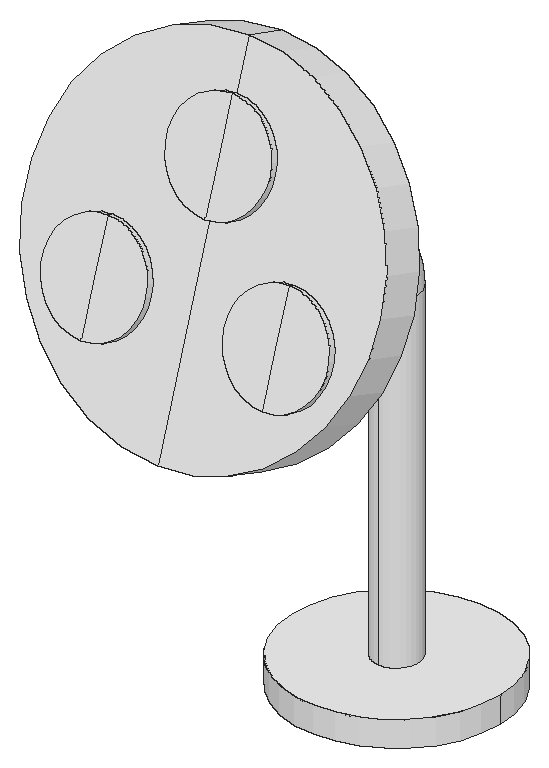
Revit family "Showerhead_Contemporary_Trilogy_TS100AL_TOTO", category Plumbing Fixtures, host Face, Revit 2013
Parameters (values of type "TS100A")
  ecoScorecard_data = " "
  ecoScorecard Product Page = "  "
  Width = 6 13/16"  # constant formula
  Waste Connection = no
  Warranty URL = "http://www.totousa.com/warranty-registration"
  Warranty = "Lifetime Limited Warranty (Residential Use); One Year Limited (Commercial Use)"  # constant formula
  WFU = 0
  Vent Connection = no
  URL = "http://www.totousa.com"
  Toto BIM Number = "BM-00108"  # constant formula
  Tempered Water Connection Diamater = Tempered Water Connection NPT * 2  # 1"
  Tempered Water Connection NPT = 1/2"
  Subcategory = "Showers"  # constant formula
  Style = "Contemporary"  # constant formula
  Spec Sheet URL = "http://assets.totousa.com/product-files/SS-00441_TS100AL.pdf"
  Shipping Weight = 8.00 lbf
  Series = "Trilogy"  # constant formula
  Product Page URL = " "
  Parts Manual URL = " "
  Owners Manual URL = "  "
  Model = "TS100AL"  # constant formula
  Manufacturer Toll Free Phone = "1-888-295-8134"  # constant formula
  Manufacturer Phone = "(770) 282-8686"  # constant formula
  Manufacturer Fax = "(770) 282-0002"  # constant formula
  Manufacturer Email = "mailto:custservice@totousa.com"
  Manufacturer Address = "1155 Southern Road, Morrow, Georgia 30260"  # constant formula
  Manufacturer = "TOTO USA, Inc."  # constant formula
  Installation URL = " "
  Hot Water Connector = "Hot Water Connection"  # constant formula
  Hot Water Connection Radius = 1/2"  # constant formula
  Hot Water Connection Diameter = Hot Water Connection Radius * 2  # 1"
  Height = 7 3/4"  # constant formula
  HWFU = 0
  HW Connection = yes
  Flow Rate = 1.750 GPM
  Finish = Metal - TOTO - Chrome - Polished
  Description = "Head Shower with Swivel Head and Rubber Nozzels"  # constant formula
  Depth = 12 3/4"  # constant formula
  Default Elevation = 0"
  Cost Info = "mailto:custservice@totousa.com"
  Color Availability = "#CP Polished Chrome"  # constant formula
  Cold Water Connector = "Cold Water Connection"  # constant formula
  Cold Water Connection Radius = 1/2"  # constant formula
  Cold Water Connection Diameter = Cold Water Connection Radius * 2  # 1"
  CWFU = 0
  CW Connection = yes
  CAD Drawing URL = "http://assets.totousa.com/product-files/AD-00054_TS100A_AL.dxf"
  Assembly Code = "D2010710"
  95 CSI = "15416"  # constant formula
  04 CSI = "22 41 39"  # constant formula
Reference planes (in)
  plane 1 "Center (Front/Back)": y = 0
  plane 2: z = 0
  plane 3 "Center (Left/Right)": x = 0
  plane 4: x = 3.40625
  plane 5: x = -3.40625
  plane 6: y = 3.875
  plane 7: y = -3.875
  plane 8: z = 0.3937
  plane 9: y = 1.03937
  plane 10: z = 0.27559
  plane 11: x = 2.14961
  plane 12: x = -2.14961
  plane 13: z = -0.125
  plane 14: z = 12.75
Dimensions and locks (in)
  equal spacing: plane 5, plane 3 "Center (Left/Right)", plane 4
  equal spacing: plane 7, plane 1 "Center (Front/Back)", plane 6
  "Height": plane 7 to plane 6
  "Width": plane 5 to plane 4
  locked: plane 8 to plane 2 at 0.3937
  locked: plane 1 "Center (Front/Back)" to plane 9 at 1.03937
  locked: plane 8 to plane 10 at 0.11811
  plane 12 to plane 3 "Center (Left/Right)" to plane 11 = 2.14961" locked, 2.14961" locked
  locked: plane 2 to plane 13 at 0.125
  "Depth": plane 14 to plane 2
  aligned and locked: plane 2 to host face
  aligned and locked: level to host face
  aligned and locked: plane 3 "Center (Left/Right)" to nested 1
  aligned and locked: nested 1 to plane 6
Automatic sketch dimensions
  host sketch curve to host sketch curve = 34.49954"
  host sketch curve to host sketch curve = 34.74002"
Nested families (in)
  nested 1: "TS100A" at (0, 1.87303, 0), type "TS100A"
Connectors (in)
  piping at (0, 2.87303, -0.25), driven by "Cold Water Connection Radius", driven by "CWFU", driven by "CW Connection", driven by "CW Connection", driven by "Cold Water Connector"
    settings: on nested 1, index 1, connector radius 1/2", flow factor 0, pipe flow 0.000 GPM, pressure drop 0.00 psi, fitting loss kfactor 0, connector angle 0.00°, fixture units 0, engagement length 0", flow configuration 3, flow direction 1, fitting loss method 0, system type 20, joint type 0, gender type 0, connector reference index -1, connector utility 1, adjustable connector yes, is connector primary yes, fitting loss table "", connector description "Cold Water Connection"
  piping at (0, 0.87303, -0.25), driven by "HW Connection", driven by "HW Connection", driven by "HWFU", driven by "Hot Water Connector", driven by "Hot Water Connection Radius"
    settings: on nested 1, index 2, connector radius 1/2", flow factor 0, pipe flow 0.000 GPM, pressure drop 0.00 psi, fitting loss kfactor 0, connector angle 0.00°, fixture units 0, engagement length 0", flow configuration 3, flow direction 1, fitting loss method 0, system type 19, joint type 0, gender type 0, connector reference index -1, connector utility 1, adjustable connector yes, is connector primary no, fitting loss table "", connector description "Hot Water Connection"
Definition of nested family "TS100A"
  Parameters (values of type "TS100A")
    Waste Connection = no
    WFU = 0
    Vent Connection = yes
    URL = ""
    Showerhead Material = Metal - TOTO - Chrome - Polished
    Nominal Width = 6 13/16"
    Nominal Length = 12 3/4"
    Nominal Height = 7 3/4"
    Model = ""
    Manufacturer = ""
    HWFU = 0
    HW Connection = yes
    Description = ""
    Default Elevation = 0"
    CWFU = 0
    CW Connection = yes
    Assembly Code = ""
  Reference planes (in)
    plane 1 "Center (Front/Back)": y = 0
    plane 2: z = 0
    plane 3 "Center (Left/Right)": x = 0
    plane 4: y = -4.25
    plane 5: z = 9.375
    plane 6: z = 7.5
    plane 7: z = 12.75
    plane 8: y = -5.74803
    plane 9: y = 0.42775
    plane 10: x = -3.40625
    plane 11: x = 3.40625
    plane 12: y = 2.00197
  Forms (in)
    Extrusion 1, solid
      sketch origin (0, 0, 0) x (1, 0, 0) y (0, 1, 0)
        loop
          line (-48, 48) -> (-48, -48) -> (48, -48) -> (48, 48) -> (-48, 48)
      from 0 to -12
    Extrusion 2, solid, material "Metal - TOTO - Chrome - Polished" <- "Showerhead Material"
      sketch origin (0, 0, 0) x (1, 0, 0) y (0, 1, 0)
        loop
          circle (0, 0) r 2
      from 0 to 0.5
    Sweep 3, solid, material "Metal - TOTO - Chrome - Polished" <- "Showerhead Material", detail levels fine
      path origin (0, 0, 0) x (0, 1, 0) y (0, 0, 1)
        loop
          line (0, 0.5) -> (0, 6.85567)
          arc (0, 6.85567) -> (-0.28052, 7.72909) -> (-1.01715, 8.27583) r 1.5
          line (-1.01715, 8.27583) -> (-1.9699, 8.59977)
      profile origin (0, 0, 3.67784) x (0, -1, 0) y (1, 0, 0)
        loop
          circle (0, 0) r 0.42
    Extrusion 4, solid, material "Metal - TOTO - Chrome - Polished" <- "Showerhead Material"
      sketch origin (0, 0, 0) x (1, 0, 0) y (0, 1, 0)
        loop
          circle (0, 1) r 0.5
        loop
          circle (0, -1) r 0.5
      from 0 to -0.25
    Revolve 5, solid, material "Metal - TOTO - Chrome - Polished" <- "Showerhead Material"
      sketch origin (0, 0, 0.01677) x (0, 1, 0) y (0, 0, 1)
        loop
          line (-3.55185, 12.73323) -> (-4.65279, 9.49518) -> (-3.86874, 9.22861) -> (-2.76781, 12.46666) -> (-3.55185, 12.73323)
        axis (-4.65279, 9.49518) -> (-3.86874, 9.22861)
      angle from 0 to 360
    Revolve 6, solid, material "Metal - TOTO - Chrome - Polished" <- "Showerhead Material", detail levels fine
      sketch origin (0, 0.2125, 0.58777) x (0, 1, 0) y (0, 0, 1)
        loop
          line (-4.38186, 10.34603) -> (-4.05996, 11.2928) -> (-4.17831, 11.33304) -> (-4.50021, 10.38627) -> (-4.38186, 10.34603)
        axis (-4.50021, 10.38627) -> (-4.38186, 10.34603)
      angle from 0 to 360
    Revolve 7, solid, material "Metal - TOTO - Chrome - Polished" <- "Showerhead Material", detail levels fine
      sketch origin (-1.75, -0.62576, -1.7527) x (0, 1, 0) y (0, 0, 1)
        loop
          line (-4.34377, 10.33308) -> (-4.02186, 11.27985) -> (-4.14021, 11.32009) -> (-4.46211, 10.37331) -> (-4.34377, 10.33308)
        axis (-4.46211, 10.37331) -> (-4.34377, 10.33308)
      angle from 0 to 360
    Revolve 8, solid, material "Metal - TOTO - Chrome - Polished" <- "Showerhead Material", detail levels fine
      sketch origin (1.75, -0.62576, -1.7527) x (0, 1, 0) y (0, 0, -1)
        loop
          line (-4.34377, -10.33308) -> (-4.46211, -10.37331) -> (-4.14021, -11.32009) -> (-4.02186, -11.27985) -> (-4.34377, -10.33308)
        axis (-4.46211, -10.37331) -> (-4.34377, -10.33308)
      angle from 0 to 360
    Extrusion 9, solid, material "Metal - TOTO - Chrome - Polished" <- "Showerhead Material", detail levels coarse+medium
      sketch origin (0, 0, 0) x (0, 1, 0) y (0, 0, 1)
        loop
          line (-3.62817, 9.95293) -> (-4.11103, 8.53278) -> (-0.75, 7.39003) -> (-0.75, 0.5) -> (0.75, 0.5) -> (0.75, 8.46436) -> (-3.62817, 9.95293)
      from 0.83051 to -0.82396
    Revolve 10, solid, material "Metal - TOTO - Chrome - Polished" <- "Showerhead Material", detail levels fine
      sketch origin (0, 0, 0) x (0, 1, 0) y (0, 0, 1)
        loop
          line (-1.80981, 9.07064) -> (-2.18704, 9.19889) -> (-2.25263, 9.17928)
          arc (-2.25263, 9.17928) -> (-2.24804, 9.28666) -> (-2.22302, 9.39119) r 0.55975
          line (-2.22302, 9.39119) -> (-2.22302, 9.47518) -> (-3.43956, 9.88881) -> (-3.50369, 9.70019) -> (-3.65222, 9.70019) -> (-3.70769, 9.71905) -> (-3.86874, 9.24537) -> (-1.9699, 8.59977) -> (-1.80981, 9.07064)
        axis (-1.9699, 8.59977) -> (-3.86874, 9.24537)
      angle from 0 to 360
  Lines and regions (in)
    symbolic lines
      curve 1: arc (0.83051, -1.81941, 0) -> (-0.0036, 2, 0) -> (-0.82396, -1.82239, 0) r 2
      curve 16: spline (-3.40359, -3.86874, 0) -> (-3.28762, -3.58518, 0) -> (-2.9476, -3.32093, 0) -> (-2.4067, -3.09402, 0) -> (-1.70179, -2.91991, 0) -> (-0.88091, -2.81045, 0) -> (0, -2.77312, 0) -> (0.88091, -2.81045, 0) -> (1.70179, -2.91991, 0) -> (2.4067, -3.09402, 0) -> (2.9476, -3.32093, 0) -> (3.28762, -3.58518, 0) -> (3.40359, -3.86874, 0)
      curve 17: spline (3.40359, -4.65279, 0) -> (3.28762, -4.93636, 0) -> (2.9476, -5.2006, 0) -> (2.4067, -5.42751, 0) -> (1.70179, -5.60163, 0) -> (0.88091, -5.71108, 0) -> (0, -5.74842, 0) -> (-0.88091, -5.71108, 0) -> (-1.70179, -5.60163, 0) -> (-2.4067, -5.42751, 0) -> (-2.9476, -5.2006, 0) -> (-3.28762, -4.93636, 0) -> (-3.40359, -4.65279, 0)
      curve 18: line (-3.40359, -4.65279, 0) -> (-3.40359, -3.86874, 0)
      curve 19: line (3.40359, -4.65279, 0) -> (3.40359, -3.86874, 0)
      curve 20: spline (-3.40359, -4.65279, 0) -> (-3.28762, -4.36922, 0) -> (-2.9476, -4.10498, 0) -> (-2.4067, -3.87807, 0) -> (-1.70179, -3.70395, 0) -> (-0.88091, -3.5945, 0) -> (0, -3.55717, 0) -> (0.88091, -3.5945, 0) -> (1.70179, -3.70395, 0) -> (2.4067, -3.87807, 0) -> (2.9476, -4.10498, 0) -> (3.28762, -4.36922, 0) -> (3.40359, -4.65279, 0)
      curve 33: spline (-0.82396, 0, 6.1188) -> (-2.26305, 0, 6.84147) -> (-3.1847, 0, 8.11679) -> (-3.37818, 0, 9.65317) -> (-2.79926, 0, 11.09931) -> (-1.58029, 0, 12.12457) -> (0, 0, 12.49452) -> (1.58029, 0, 12.12457) -> (2.79926, 0, 11.09931) -> (3.37818, 0, 9.65317) -> (3.1847, 0, 8.11679) -> (2.26305, 0, 6.84147) -> (0.82396, 0, 6.1188)
      curve 34: spline (-3.40359, 0, 9.51195) -> (-3.28762, 0, 10.34597) -> (-2.9476, 0, 11.12316) -> (-2.4067, 0, 11.79055) -> (-1.70179, 0, 12.30265) -> (-0.88091, 0, 12.62457) -> (0, 0, 12.73437) -> (0.88091, 0, 12.62457) -> (1.70179, 0, 12.30265) -> (2.4067, 0, 11.79055) -> (2.9476, 0, 11.12316) -> (3.28762, 0, 10.34597) -> (3.40359, 0, 9.51195)
      curve 41: line (2, 0, 0.5) -> (-2, 0, 0.5)
      curve 42: line (-2, 0, 0.5) -> (-2, 0, 0)
      curve 43: line (2, 0, 0.5) -> (2, 0, 0)
      curve 44: line (2, 0, 0) -> (-2, 0, 0)
      curve 54: line (0, 2.00197, 0.5) -> (0, -2, 0.5)
      curve 55: line (0, 2.00197, 0.5) -> (0, 2.00197, 0)
      curve 56: line (0, -2, 0.5) -> (0, -2, 0)
      curve 57: line (0, 2.00197, 0) -> (0, -2, 0)
      curve 62: line (0, -4.96437, 6.03857) -> (0, -2.77312, 12.48342)
      curve 63: line (0, -2.77312, 12.48342) -> (0, -3.55717, 12.75)
      curve 64: line (0, -3.55717, 12.75) -> (0, -5.74842, 6.30515)
      curve 65: line (0, -5.74842, 6.30515) -> (0, -4.96437, 6.03857)
    symbolic lines, detail levels fine
      curve 2: arc (0.48338, -1.94071, 0) -> (0.65974, -1.88805, 0) -> (0.83051, -1.81941, 0) r 2
      curve 3: arc (-0.47422, -1.94297, 0) -> (-0.65188, -1.89078, 0) -> (-0.82396, -1.82239, 0) r 2
      curve 7: line (0.74975, -2.47142, 0) -> (0.74975, -2.81784, 0)
      curve 8: line (-0.74975, -2.47142, 0) -> (-0.74975, -2.81784, 0)
      curve 9: arc (-0.74975, -2.47142, 0) -> (0, -2.21024, 0) -> (0.74975, -2.47142, 0) r 1.20671
      curve 10: arc (-0.50047, -1.96426, 0) -> (0.0018, -1.77855, 0) -> (0.50605, -1.95879, 0) r 0.78358
      curve 11: line (-0.50047, -1.96426, 0) -> (-0.50047, -2.31891, 0)
      curve 12: line (0.50605, -1.95879, 0) -> (0.50605, -2.32147, 0)
      curve 13: line (0.43322, -1.90522, 0) -> (0.43322, -0.00433, 0)
      curve 14: line (-0.43322, -1.91324, 0) -> (-0.43322, -0.00433, 0)
      curve 15: arc (-0.43322, -0.00433, 0) -> (0, 0.4289, 0) -> (0.43322, -0.00433, 0) r 0.43322
      curve 21: spline (2.75, -5.08787, 0) -> (2.71593, -5.17119, 0) -> (2.61603, -5.24882, 0) -> (2.45711, -5.31549, 0) -> (2.25, -5.36665, 0) -> (2.00882, -5.39881, 0) -> (1.75, -5.40978, 0) -> (1.49118, -5.39881, 0) -> (1.25, -5.36665, 0) -> (1.04289, -5.31549, 0) -> (0.88397, -5.24882, 0) -> (0.78407, -5.17119, 0) -> (0.75, -5.08787, 0) -> (0.78407, -5.00456, 0) -> (0.88397, -4.92692, 0) -> (1.04289, -4.86025, 0) -> (1.25, -4.8091, 0) -> (1.49118, -4.77694, 0) -> (1.75, -4.76597, 0) -> (2.00882, -4.77694, 0) -> (2.25, -4.8091, 0) -> (2.45711, -4.86025, 0) -> (2.61603, -4.92692, 0) -> (2.71593, -5.00456, 0) -> (2.75, -5.08787, 0)
      curve 22: spline (0.75, -4.96953, 0) -> (0.78407, -4.88621, 0) -> (0.88397, -4.80858, 0) -> (1.04289, -4.74191, 0) -> (1.25, -4.69075, 0) -> (1.49118, -4.65859, 0) -> (1.75, -4.64762, 0) -> (2.00882, -4.65859, 0) -> (2.25, -4.69075, 0) -> (2.45711, -4.74191, 0) -> (2.61603, -4.80858, 0) -> (2.71593, -4.88621, 0) -> (2.75, -4.96953, 0)
      curve 23: line (0.75, -5.08787, 0) -> (0.75, -4.96953, 0)
      curve 24: line (2.75, -5.08787, 0) -> (2.75, -4.96953, 0)
      curve 25: spline (1, -4.2892, 0) -> (0.96593, -4.37251, 0) -> (0.86603, -4.45015, 0) -> (0.70711, -4.51682, 0) -> (0.5, -4.56797, 0) -> (0.25882, -4.60013, 0) -> (0, -4.6111, 0) -> (-0.25882, -4.60013, 0) -> (-0.5, -4.56797, 0) -> (-0.70711, -4.51682, 0) -> (-0.86603, -4.45015, 0) -> (-0.96593, -4.37251, 0) -> (-1, -4.2892, 0) -> (-0.96593, -4.20588, 0) -> (-0.86603, -4.12825, 0) -> (-0.70711, -4.06158, 0) -> (-0.5, -4.01042, 0) -> (-0.25882, -3.97826, 0) -> (0, -3.9673, 0) -> (0.25882, -3.97826, 0) -> (0.5, -4.01042, 0) -> (0.70711, -4.06158, 0) -> (0.86603, -4.12825, 0) -> (0.96593, -4.20588, 0) -> (1, -4.2892, 0)
      curve 26: spline (-1, -4.17085, 0) -> (-0.96593, -4.08754, 0) -> (-0.86603, -4.0099, 0) -> (-0.70711, -3.94323, 0) -> (-0.5, -3.89208, 0) -> (-0.25882, -3.85992, 0) -> (0, -3.84895, 0) -> (0.25882, -3.85992, 0) -> (0.5, -3.89208, 0) -> (0.70711, -3.94323, 0) -> (0.86603, -4.0099, 0) -> (0.96593, -4.08754, 0) -> (1, -4.17085, 0)
      curve 27: line (-1, -4.2892, 0) -> (-1, -4.17085, 0)
      curve 28: line (1, -4.2892, 0) -> (1, -4.17085, 0)
      curve 29: spline (-0.75, -5.08787, 0) -> (-0.78407, -5.17119, 0) -> (-0.88397, -5.24882, 0) -> (-1.04289, -5.31549, 0) -> (-1.25, -5.36665, 0) -> (-1.49118, -5.39881, 0) -> (-1.75, -5.40978, 0) -> (-2.00882, -5.39881, 0) -> (-2.25, -5.36665, 0) -> (-2.45711, -5.31549, 0) -> (-2.61603, -5.24882, 0) -> (-2.71593, -5.17119, 0) -> (-2.75, -5.08787, 0) -> (-2.71593, -5.00456, 0) -> (-2.61603, -4.92692, 0) -> (-2.45711, -4.86025, 0) -> (-2.25, -4.8091, 0) -> (-2.00882, -4.77694, 0) -> (-1.75, -4.76597, 0) -> (-1.49118, -4.77694, 0) -> (-1.25, -4.8091, 0) -> (-1.04289, -4.86025, 0) -> (-0.88397, -4.92692, 0) -> (-0.78407, -5.00456, 0) -> (-0.75, -5.08787, 0)
      curve 30: spline (-2.75, -4.96953, 0) -> (-2.71593, -4.88621, 0) -> (-2.61603, -4.80858, 0) -> (-2.45711, -4.74191, 0) -> (-2.25, -4.69075, 0) -> (-2.00882, -4.65859, 0) -> (-1.75, -4.64762, 0) -> (-1.49118, -4.65859, 0) -> (-1.25, -4.69075, 0) -> (-1.04289, -4.74191, 0) -> (-0.88397, -4.80858, 0) -> (-0.78407, -4.88621, 0) -> (-0.75, -4.96953, 0)
      curve 31: line (-2.75, -5.08787, 0) -> (-2.75, -4.96953, 0)
      curve 32: line (-0.75, -5.08787, 0) -> (-0.75, -4.96953, 0)
      curve 35: spline (-0.42, 0, 6.04758) -> (-0.45398, 0, 6.05174) -> (-0.48791, 0, 6.05623) -> (-0.5218, 0, 6.06104) -> (-0.55563, 0, 6.06618) -> (-0.5894, 0, 6.07163) -> (-0.62312, 0, 6.07741) -> (-0.65677, 0, 6.08351) -> (-0.69035, 0, 6.08993) -> (-0.72387, 0, 6.09667) -> (-0.75731, 0, 6.10373) -> (-0.79068, 0, 6.1111) -> (-0.82396, 0, 6.1188)
      curve 36: spline (0.42, 0, 6.04758) -> (0.45398, 0, 6.05174) -> (0.48791, 0, 6.05623) -> (0.5218, 0, 6.06104) -> (0.55563, 0, 6.06618) -> (0.5894, 0, 6.07163) -> (0.62312, 0, 6.07741) -> (0.65677, 0, 6.08351) -> (0.69035, 0, 6.08993) -> (0.72387, 0, 6.09667) -> (0.75731, 0, 6.10373) -> (0.79068, 0, 6.1111) -> (0.82396, 0, 6.1188)
      curve 45: spline (-0.74734, 0, 9.18124) -> (-0.72187, 0, 9.36437) -> (-0.64722, 0, 9.53502) -> (-0.52845, 0, 9.68157) -> (-0.37367, 0, 9.79401) -> (-0.19343, 0, 9.8647) -> (0, 0, 9.88881) -> (0.19343, 0, 9.8647) -> (0.37367, 0, 9.79401) -> (0.52845, 0, 9.68157) -> (0.64722, 0, 9.53502) -> (0.72187, 0, 9.36437) -> (0.74734, 0, 9.18124)
      curve 46: spline (-0.42, 0, 8.18237) -> (-0.63718, 0, 8.39786) -> (-0.74144, 0, 8.67889) -> (-0.71431, 0, 8.97563) -> (-0.56061, 0, 9.23552) -> (-0.30755, 0, 9.41249) -> (0, 0, 9.47518) -> (0.30755, 0, 9.41249) -> (0.56061, 0, 9.23552) -> (0.71431, 0, 8.97563) -> (0.74144, 0, 8.67889) -> (0.63718, 0, 8.39786) -> (0.42, 0, 8.18237)
      curve 47: spline (-0.42, 0, 8.26734) -> (-0.59223, 0, 8.46672) -> (-0.66617, 0, 8.71459) -> (-0.62957, 0, 8.96982) -> (-0.48849, 0, 9.19004) -> (-0.26634, 0, 9.33872) -> (0, 0, 9.39119) -> (0.26634, 0, 9.33872) -> (0.48849, 0, 9.19004) -> (0.62957, 0, 8.96982) -> (0.66617, 0, 8.71459) -> (0.59223, 0, 8.46672) -> (0.42, 0, 8.26734)
      curve 48: spline (-0.42, 0, 8.34759) -> (-0.4865, 0, 8.50199) -> (-0.49199, 0, 8.66865) -> (-0.43579, 0, 8.82667) -> (-0.32493, 0, 8.95624) -> (-0.17333, 0, 9.04111) -> (0, 0, 9.07064) -> (0.17333, 0, 9.04111) -> (0.32493, 0, 8.95624) -> (0.43579, 0, 8.82667) -> (0.49199, 0, 8.66865) -> (0.4865, 0, 8.50199) -> (0.42, 0, 8.34759)
      curve 49: spline (0.42, 0, 8.59977) -> (0.40569, 0, 8.70269) -> (0.36373, 0, 8.79859) -> (0.29698, 0, 8.88094) -> (0.21, 0, 8.94414) -> (0.1087, 0, 8.98386) -> (0, 0, 8.99741) -> (-0.1087, 0, 8.98386) -> (-0.21, 0, 8.94414) -> (-0.29698, 0, 8.88094) -> (-0.36373, 0, 8.79859) -> (-0.40569, 0, 8.70269) -> (-0.42, 0, 8.59977)
      curve 50: line (-0.74734, 0, 9.18124) -> (-0.74734, 0, 8.76762)
      curve 51: line (0.74734, 0, 9.18124) -> (0.74734, 0, 8.76762)
      curve 52: line (0.42, 0, 8.59977) -> (0.42, 0, 0.5)
      curve 53: line (-0.42, 0, 8.59977) -> (-0.42, 0, 0.5)
      curve 66: line (0, -4.77128, 9.56738) -> (0, -5.41509, 7.67384)
      curve 67: line (0, -5.41509, 7.67384) -> (0, -5.29674, 7.6336)
      curve 68: line (0, -4.65294, 9.52715) -> (0, -4.77128, 9.56738)
      curve 69: line (0, -3.96581, 11.93643) -> (0, -4.60961, 10.04289)
      curve 70: line (0, -4.60961, 10.04289) -> (0, -4.49127, 10.00265)
      curve 71: line (0, -3.84746, 11.89619) -> (0, -3.96581, 11.93643)
      curve 72: line (0, -4.03456, 8.77331) -> (0, -3.97432, 8.75283)
      curve 73: line (0, -3.97432, 8.75283) -> (0, -3.85657, 8.6623)
      curve 74: line (0, -3.9207, 8.47368) -> (0, -2.70416, 8.06006)
      curve 75: line (0, -2.70416, 8.06006) -> (0, -2.54727, 8.31269)
      curve 76: line (0, -2.54727, 8.31269) -> (0, -2.50723, 8.25716)
      curve 77: line (0, -2.50723, 8.25716) -> (0, -2.13, 8.1289)
      curve 78: line (0, -2.1051, 8.20212) -> (0, -1.0981, 7.85974)
      curve 79: line (0, -0.42, 0.5) -> (0, -0.42, 6.91297)
      curve 80: arc (0, -0.42, 6.91297) -> (0, -0.60701, 7.49525) -> (0, -1.0981, 7.85974) r 1
      curve 81: line (0, -1.80981, 9.07064) -> (0, -2.13, 8.1289)
      curve 82: line (0, -2.50723, 8.25716) -> (0, -2.18704, 9.19889)
      curve 83: line (0, -2.54727, 8.31269) -> (0, -2.25263, 9.17928)
      curve 84: line (0, -2.65296, 8.12664) -> (0, -2.22302, 9.39119)
      curve 85: line (0, -2.70416, 8.06006) -> (0, -2.22302, 9.47518)
      curve 86: line (0, -3.43956, 9.88881) -> (0, -3.9207, 8.47368)
      curve 87: line (0, -3.97432, 8.75283) -> (0, -3.65222, 9.70019)
      curve 88: line (0, -3.71246, 9.72067) -> (0, -3.65222, 9.70019)
      curve 89: line (0, -3.65222, 9.70019) -> (0, -3.50369, 9.70019)
      curve 90: line (0, -3.43956, 9.88881) -> (0, -2.22302, 9.47518)
      curve 91: line (0, -2.22302, 9.47518) -> (0, -2.25263, 9.17928)
      curve 92: line (0, -2.25263, 9.17928) -> (0, -2.18704, 9.19889)
      curve 93: line (0, -2.18704, 9.19889) -> (0, -1.80981, 9.07064)
      curve 94: line (0, -1.83471, 8.99741) -> (0, -0.90466, 8.6812)
      curve 95: line (0, 0.42, 0.5) -> (0, 0.42, 6.83168)
      curve 96: arc (0, 0.42, 6.83168) -> (0, 0.05468, 7.96916) -> (0, -0.90466, 8.6812) r 1.95349
    symbolic lines, detail levels coarse+medium
      curve 4: line (0.83051, -2.82597, 0) -> (0.83051, 0.75, 0)
      curve 5: line (-0.82396, 0.75, 0) -> (-0.82396, -2.82597, 0)
      curve 6: line (0.83051, 0.75, 0) -> (-0.82396, 0.75, 0)
      curve 37: line (-0.82396, 0, 9.95293) -> (-0.82396, 0, 0.5)
      curve 38: line (0.83051, 0, 0.5) -> (0.83051, 0, 9.95293)
      curve 39: line (-0.82396, 0, 9.95293) -> (0.83051, 0, 9.95293)
      curve 40: line (0.83051, 0, 8.46436) -> (-0.82396, 0, 8.46436)
      curve 58: line (0, 0.75, 8.46436) -> (0, 0.75, 0.5)
      curve 59: line (0, -0.75, 0.5) -> (0, -0.75, 7.40565)
      curve 60: line (0, -0.75, 7.40565) -> (0, -4.11103, 8.5484)
      curve 61: line (0, -3.63294, 9.95455) -> (0, 0.75, 8.46436)
  Dimensions and locks (in)
    locked: plane 1 "Center (Front/Back)" to Extrusion 2 sketch curve at 0
    locked: plane 3 "Center (Left/Right)" to Extrusion 2 sketch curve at 0
    locked: Extrusion 2 to plane 2 at 0.5
    plane 1 "Center (Front/Back)" to Extrusion 4 sketch curve = 1"
    locked: plane 3 "Center (Left/Right)" to Extrusion 4 sketch curve at 0
    locked: Extrusion 4 to plane 2 at 0.25
    locked: plane 5 to Extrusion 4 at 9.625
    locked: plane 4 to plane 1 "Center (Front/Back)" at 4.25
    locked: Sweep 3 sketch curve to level at 0.5
    locked: Sweep 3 sketch curve to Sweep 3 sketch curve at 6.35567
    Sweep 3 sketch curve to Sweep 3 sketch curve to plane 1 "Center (Front/Back)" = 0.95276", 1.01715" locked
    locked: plane 1 "Center (Front/Back)" to Sweep 3 sketch curve at 0
    locked: plane 3 "Center (Left/Right)" to Sweep 3 sketch curve at 0
    plane 6 to plane 5 = 3.14329"
    locked: Revolve 5 sketch curve to Revolve 5 sketch curve at 0.82813
    locked: Revolve 6 sketch curve to Revolve 6 sketch curve at 1
    locked: Revolve 6 sketch curve to Revolve 5 at 0.125
    locked: Revolve 7 sketch curve to Revolve 7 sketch curve at 1
    locked: Revolve 8 sketch curve to Revolve 8 sketch curve at 1
    locked: Revolve 8 sketch curve to Revolve 5 at 0.125
    locked: Revolve 7 sketch curve to Revolve 7 sketch curve at 0.125
    "Nominal Length": plane 7 to plane 2
    Sweep 3 sketch curve to plane 9 = 0.00775"
    equal spacing: plane 10, plane 3 "Center (Left/Right)", plane 11
    "Nominal Width": plane 10 to plane 11
    "Nominal Height": plane 8 to plane 12
    Revolve 10 sketch curve to Revolve 10 sketch curve to Revolve 10 sketch curve to Revolve 10 sketch curve = 1.31198", 0.09596", 51/128" locked
    Revolve 10 sketch curve to Revolve 10 sketch curve to Revolve 10 sketch curve to Revolve 10 sketch curve to Revolve 10 sketch curve = 0.03969", 0.00297" locked, 0.04781" locked, 51/256" locked
    aligned and locked: plane 2 to Extrusion 1
    aligned and locked: level to Extrusion 1
    aligned and locked: Sweep 3 sketch curve to Extrusion 2
    aligned and locked: Revolve 6 sketch curve to Revolve 6 sketch curve  (x2)
    aligned and locked: Revolve 5 to Revolve 6
    aligned and locked: Revolve 6 sketch curve to Revolve 5
    aligned and locked: Revolve 7 sketch curve to Revolve 7 sketch curve  (x2)
    aligned and locked: Revolve 8 sketch curve to Revolve 8 sketch curve  (x2)
    aligned and locked: Revolve 8 to Revolve 5
    aligned and locked: Revolve 5 to Revolve 7
    aligned and locked: Revolve 8 sketch curve to Revolve 5
    aligned and locked: plane 7 to Revolve 5
    aligned: plane 8 to Revolve 5
    aligned and locked: Extrusion 2 to Sweep 3
  Automatic sketch dimensions
    curve 1 to curve 2 = 0"  (x2)
    curve 1 to curve 3 = 0"  (x2)
    curve 2 to curve 3 = 0"  (x2)
    plane 1 "Center (Front/Back)" to curve 3 = 0"
    curve 3 to plane 3 "Center (Left/Right)" = 0"
    curve 20 to plane 3 "Center (Left/Right)" = 0"
    curve 16 to plane 3 "Center (Left/Right)" = 0"
    curve 9 to plane 3 "Center (Left/Right)" = 0"
    curve 25 to plane 3 "Center (Left/Right)" = 0"
    curve 15 to plane 3 "Center (Left/Right)" = 0"
    plane 1 "Center (Front/Back)" to curve 14 = 0.00433"
    curve 14 to plane 3 "Center (Left/Right)" = 0.43322"
    curve 3 to curve 14 = 0.04099"
    curve 11 to curve 3 = 0.02626"
    curve 8 to curve 11 = 0.24928"
    curve 30 to plane 3 "Center (Left/Right)" = 3/4"
    curve 5 to plane 9 = 0.32225"
    curve 5 to plane 3 "Center (Left/Right)" = 0.82396"
    curve 1 to curve 11 = 0.32349"
    plane 4 to curve 27 = 0.0392"
    curve 27 to curve 32 = 1/4"
    curve 29 to plane 8 = 169/256"
    curve 29 to curve 32 = 1"
    curve 17 to plane 10 = 0.00266"
    curve 20 to curve 17 = 0"
    plane 3 "Center (Left/Right)" to curve 10 = 0.00605"
    curve 13 to curve 2 = 0.05016"
    curve 2 to curve 12 = 0.02267"
    curve 12 to curve 7 = 0.2437"
    curve 23 to curve 25 = 1/4"
    curve 10 to curve 2 = 0.32446"
    plane 3 "Center (Left/Right)" to curve 6 = 0.83051"
    plane 4 to curve 22 = 0.71953"
    curve 23 to curve 22 = 1"
    curve 24 to curve 22 = 0.11835"
    curve 31 to plane 8 = 169/256"
    curve 23 to curve 23 = 0.11835"
    curve 32 to curve 29 = 0"
    curve 21 to curve 22 = 0.11835"
    curve 32 to curve 30 = 0.11835"
    plane 4 to curve 20 = 0.40279"
    curve 19 to curve 20 = 0"
    plane 4 to curve 25 = 0.0392"
    curve 28 to curve 25 = 0"
    curve 27 to plane 4 = 0.07915"
    curve 16 to plane 4 = 0.38126"
    curve 16 to curve 9 = 0.4518"
    curve 9 to curve 5 = 0.59098"
    curve 9 to curve 4 = 0.59098"
    curve 5 to curve 8 = 0.00813"
    curve 4 to curve 7 = 0.00813"
    curve 7 to curve 10 = 0.25572"
    curve 7 to curve 7 = 0.34642"
    Extrusion 1 sketch curve to Extrusion 1 sketch curve = 96"  (x2)
    curve 42 to level = 0"
    curve 34 to plane 3 "Center (Left/Right)" = 0"
    curve 48 to plane 3 "Center (Left/Right)" = 0"
    curve 35 to plane 3 "Center (Left/Right)" = 0"
    curve 46 to plane 3 "Center (Left/Right)" = 0"
    curve 49 to plane 3 "Center (Left/Right)" = 0"
    curve 47 to plane 3 "Center (Left/Right)" = 0"
    curve 33 to plane 3 "Center (Left/Right)" = 0"
    curve 36 to plane 3 "Center (Left/Right)" = 0"
    curve 53 to plane 3 "Center (Left/Right)" = 0.42"
    curve 47 to curve 49 = 0.24782"
    curve 45 to plane 5 = 0.19376"
    curve 45 to curve 47 = 0.07952"
    curve 35 to curve 35 = 0.40396"
    curve 40 to curve 50 = 0.07662"
    curve 44 to curve 37 = 1.17604"
    curve 36 to plane 10 = 0.00266"
    curve 34 to plane 10 = 0.00266"
    curve 52 to curve 48 = 0.07734"
    curve 36 to curve 36 = 0.40396"
    curve 52 to curve 38 = 0.41051"
    curve 38 to curve 43 = 1.16949"
    curve 35 to plane 11 = 0.00266"
    curve 33 to plane 11 = 0.00266"
    level to curve 43 = 1/2"
    curve 35 to plane 6 = 1.45242"
    curve 36 to curve 35 = 0"
    curve 36 to curve 36 = 0.07122"
    plane 6 to curve 46 = 0.68237"
    curve 46 to curve 47 = 0.08498"
    curve 47 to curve 48 = 0.08025"
    curve 48 to curve 40 = 0.11677"
    curve 48 to curve 52 = 0.25218"
    curve 48 to curve 49 = 0"
    curve 49 to curve 47 = 0.15915"
    curve 48 to curve 46 = 0.16785"
    curve 51 to curve 46 = 0"
    curve 47 to curve 50 = 0.0087"
    curve 35 to curve 33 = 0.01316"
    plane 5 to curve 34 = 0.13695"
    plane 5 to curve 39 = 0.57793"
    Sweep 3 sketch curve to Sweep 3 sketch curve = 0.48285"
    Sweep 3 sketch curve to plane 5 = 0.77523"
    Revolve 5 sketch curve to plane 7 = 0"
    plane 5 to Revolve 5 sketch curve = 0.13695"
    plane 4 to Revolve 5 sketch curve = 0.40279"
    plane 5 to Revolve 5 sketch curve = 0.13329"
    Revolve 5 sketch curve to Revolve 5 sketch curve = 0.01077"
    Revolve 5 sketch curve to plane 4 = 0.38126"
    Revolve 5 sketch curve to plane 5 = 0.51052"
    Revolve 5 sketch curve to Revolve 5 sketch curve = 1.12027"
    plane 4 to Revolve 6 sketch curve = 0.03771"
    plane 4 to Revolve 6 sketch curve = 0.0156"
    Revolve 7 sketch curve to plane 8 = 0.64417"
    Revolve 7 sketch curve to Revolve 7 sketch curve = 0.01598"
    Revolve 7 sketch curve to Revolve 7 sketch curve = 0.11835"
    Revolve 7 sketch curve to plane 5 = 0.79463"
    Revolve 8 sketch curve to plane 8 = 0.64417"
    Revolve 8 sketch curve to Revolve 8 sketch curve = 0.01598"
    Extrusion 9 sketch curve to plane 4 = 0.13897"
    Extrusion 9 sketch curve to plane 4 = 0.62183"
    Extrusion 9 sketch curve to plane 6 = 0.10997"
    plane 1 "Center (Front/Back)" to Extrusion 9 sketch curve = 3/4"
    Extrusion 9 sketch curve to plane 9 = 0.32225"
    level to Extrusion 9 sketch curve = 1/2"
    Extrusion 9 sketch curve to plane 5 = 0.91064"
    Revolve 10 sketch curve to plane 5 = 0.12963"
    Revolve 10 sketch curve to plane 4 = 0.38126"
    plane 5 to Revolve 10 sketch curve = 0.34405"
    Revolve 10 sketch curve to Revolve 10 sketch curve = 0.16105"
    plane 5 to Revolve 10 sketch curve = 0.32519"
    level to Revolve 10 sketch curve = 9.88881"
    Revolve 10 sketch curve to plane 5 = 0.35633"
    Revolve 10 sketch curve to Revolve 10 sketch curve = 0.66676"
    Revolve 10 sketch curve to plane 5 = 0.48129"
    Revolve 10 sketch curve to Revolve 10 sketch curve = 0.36756"
    Revolve 10 sketch curve to Revolve 10 sketch curve = 0.06559"
    plane 5 to Revolve 10 sketch curve = 0.01619"
    Revolve 10 sketch curve to plane 5 = 0.16581"
    curve 63 to plane 7 = 0"
    curve 57 to level = 0"
    curve 55 to plane 12 = 0"
    curve 61 to plane 9 = 0.32225"
    plane 9 to curve 95 = 0.00775"
    plane 1 "Center (Front/Back)" to curve 79 = 0.42"
    curve 59 to curve 79 = 0.33"
    plane 1 "Center (Front/Back)" to curve 96 = 0.90466"
    plane 6 to curve 78 = 0.35974"
    curve 78 to curve 59 = 0.3481"
    curve 80 to plane 6 = 0.58703"
    curve 96 to curve 80 = 0.11349"
    curve 93 to plane 5 = 0.30436"
    curve 93 to curve 96 = 0.90515"
    curve 94 to plane 5 = 0.37759"
    curve 94 to curve 81 = 0.0249"
    curve 56 to curve 59 = 1 1/4"
    plane 6 to curve 81 = 161/256"
    curve 82 to plane 5 = 0.17611"
    plane 5 to curve 90 = 0.10018"
    curve 90 to curve 82 = 0.03598"
    plane 5 to curve 84 = 0.01619"
    curve 84 to curve 90 = 0"
    plane 5 to curve 85 = 0.10018"
    curve 85 to curve 90 = 0"
    curve 91 to plane 5 = 0.19572"
    curve 91 to curve 82 = 0.06559"
    plane 6 to curve 76 = 0.81269"
    curve 76 to curve 76 = 0.04004"
    plane 6 to curve 84 = 0.62664"
    curve 84 to curve 76 = 0.14573"
    plane 6 to curve 85 = 0.56006"
    curve 85 to curve 84 = 0.0512"
    curve 62 to plane 7 = 0.26658"
    curve 62 to plane 4 = 1.47688"
    plane 5 to curve 86 = 0.51381"
    curve 90 to curve 86 = 0"  (x2)
    curve 89 to curve 90 = 0.06413"
    curve 89 to curve 89 = 0.14853"
    curve 71 to plane 4 = 0.40254"
    curve 74 to curve 73 = 0.06413"
    curve 71 to curve 71 = 0.11835"
    curve 73 to curve 73 = 0.11775"
    curve 60 to plane 4 = 0.13897"
    plane 4 to curve 70 = 0.24127"
    plane 5 to curve 68 = 0.15215"
    plane 5 to curve 66 = 0.19238"
    plane 4 to curve 65 = 0.71437"
    plane 6 to curve 67 = 0.1336"
    curve 56 to curve 56 = 1/2"
    Extrusion 4 sketch curve to plane 3 "Center (Left/Right)" = 0"
    plane 1 "Center (Front/Back)" to Extrusion 4 sketch curve = 1"
    radius of Extrusion 2 sketch curve = 2"
    radius of Sweep 3 sketch curve = 0.42"
    radius of Extrusion 4 sketch curve = 1/2"  (x2)
